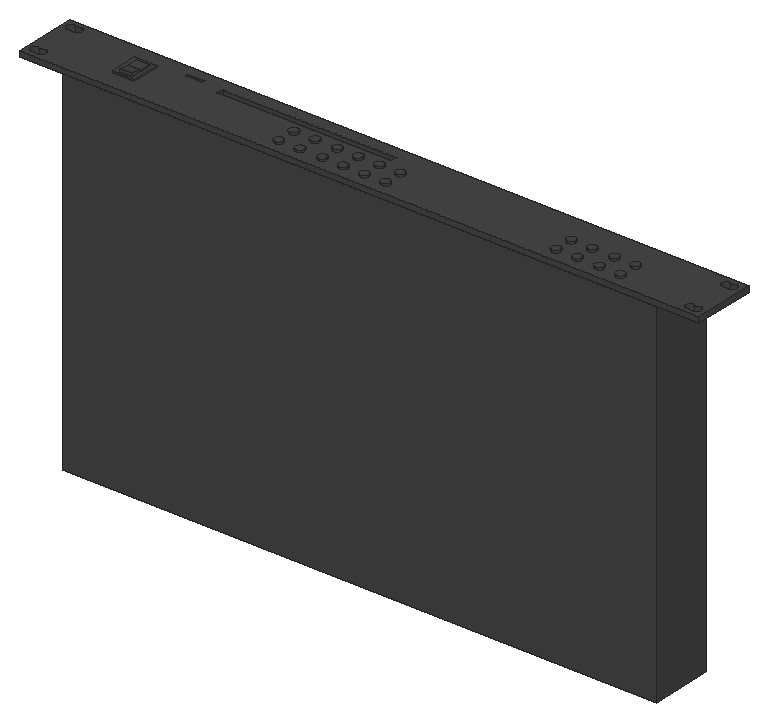
Revit family "Digital_Media-Honeywell-Audio_Player-X-MAP04", category Electrical Equipment, host Face, Revit 2017
Family settings
  Host = Face
  Round Connector Dimension = Use Diameter
  Part Type = Equipment Switch
  OmniClass Number = 23.85.50.00
  OmniClass Title = Communication Systems
  Cut with Voids When Loaded = No
  Shared = No
  Room Calculation Point = No
Parameters (values of type "Audio Player - X-MAP04")
  Width = 482 mm  # constant formula
  Weight = 3.79999 kgf  # constant formula
  Watts = 13 W
  Wattage = "13 W"  # constant formula
  Voltage = "230 V"  # constant formula
  Version = "2017 - v1.0a"  # constant formula
  Utility = no
  Rated Voltage = "230 V AC"  # constant formula
  Power Factor = 1
  Power Consumption = "13 W"  # constant formula
  Outputs = "1 x Cinch for FM/AM-Tuner, 1 x Cinch for DVD/USB/SD, 1 x Cinch for mixed signals"  # constant formula
  Number of Poles = 1
  Manufacturer Phone Number = "02131/40615-600"  # constant formula
  Manufacturer Fax Number = "02131/40615-606"  # constant formula
  Manufacturer Email = "mailto:info@esser-systems.com"
  Manufacturer Address = "Dieselstr. 2 41469 Neuss Germany"  # constant formula
  Load Sub-Classification = no
  Inputs = "FM 75 Ω, USB-Port, SD-Port"  # constant formula
  Frequency = 47 Hz
  Finish = Metal - Honeywell - Stainless Steel - Black
  URL = "www.esser-systems.com"
  Support Phone = "(224) 699-9545"  # constant formula
  Support Email = "mailto:support@anguleris.com"
  Product Page URL = "https://www.esser-systems.com/en/products/details/variodyn-d1/additional-components-audio-devices/x-map04-dvdcdmp3fmam-audio-player/"
  Product Name = "Audio Player"  # constant formula
  Product Documentation Link = "https://www.esser-systems.com/en/products/details/variodyn-d1/additional-components-audio-devices/x-map04-dvdcdmp3fmam-audio-player/download/productdatasheet/3000146"
  Model = "X-MAP04"  # constant formula
  Material = ""
  Manufacturer = "Honeywell International"  # constant formula
  Keynote = ""
  Height = 44 mm  # constant formula
  Description = "DVD/CD/MP3/FM/AM audio player"  # constant formula
  Depth = 252 mm  # constant formula
  Default Elevation = 1219.2 mm
  Copyright = "© Copyright 2005-2019 Honeywell International Inc. All rights reserved."  # constant formula
  Assembly Code = ""
  Apparent Load = 0 VA
Reference planes
  plane 1 "Center (Front/Back)": y = 317.025
  plane 2: z = 0
  plane 3 "Center (Left/Right)": x = 0
  plane 4: y = -880.175
  plane 5: x = -241
  plane 6: x = 241
  plane 7: y = 339.025
  plane 8: y = 295.025
  plane 9 "Back": z = -252
  plane 10: z = 10.875
  plane 11: x = -158.75
Forms (mm)
  Extrusion 1, void
    sketch origin (0, 0, 0) x (1, 0, 0) y (0, 1, 0)
      loop
        line (-241, 339.025) -> (-241, 295.025) -> (241, 295.025) -> (241, 339.025) -> (-241, 339.025)
    from -252 to 10.875
  Extrusion 2, solid, material "Metal - Honeywell - Stainless Steel - Black" <- "Finish"
    sketch origin (0, 0, 0) x (1, 0, 0) y (0, 1, 0)
      loop
        line (241, 295.025) -> (241, 339.025) -> (-241, 339.025) -> (-241, 295.025) -> (241, 295.025)
      loop
        arc (-235.25, 336.051) -> (-238.398, 332.904) -> (-235.25, 329.756) r 3.148
        line (-235.25, 329.756) -> (-230.408, 329.756)
        arc (-230.408, 329.756) -> (-227.26, 332.904) -> (-230.408, 336.051) r 3.148
        line (-230.408, 336.051) -> (-235.25, 336.051)
      loop
        line (-235.25, 297.999) -> (-230.408, 297.999)
        arc (-230.408, 297.999) -> (-227.26, 301.147) -> (-230.408, 304.295) r 3.148
        line (-230.408, 304.295) -> (-235.25, 304.295)
        arc (-235.25, 304.295) -> (-238.398, 301.147) -> (-235.25, 297.999) r 3.148
      loop
        line (235.25, 336.051) -> (230.408, 336.051)
        arc (230.408, 336.051) -> (227.26, 332.904) -> (230.408, 329.756) r 3.148
        line (230.408, 329.756) -> (235.25, 329.756)
        arc (235.25, 329.756) -> (238.398, 332.904) -> (235.25, 336.051) r 3.148
      loop
        arc (235.25, 297.999) -> (238.398, 301.147) -> (235.25, 304.295) r 3.148
        line (235.25, 304.295) -> (230.408, 304.295)
        arc (230.408, 304.295) -> (227.26, 301.147) -> (230.408, 297.999) r 3.148
        line (230.408, 297.999) -> (235.25, 297.999)
      loop
        line (-151.342, 332.096) -> (-151.342, 329.953) -> (-139.742, 329.953) -> (-139.742, 332.096) -> (-151.342, 332.096)
      loop
        line (-125.926, 330.974) -> (-125.926, 325.974) -> (-2.327, 325.974) -> (-2.327, 330.974) -> (-125.926, 330.974)
    from 0 to 4
  Extrusion 3, solid, material "Metal - Honeywell - Stainless Steel - Black"
    sketch origin (0, 0, 0) x (1, 0, 0) y (0, 1, 0)
      loop
        line (-210.879, 339.025) -> (-210.879, 295.025) -> (211, 295.025) -> (211, 339.025) -> (-210.879, 339.025)
    from 0 to -252
  Extrusion 4, solid, material "Plastic -Honeywell - Black"
    sketch origin (0, 0, 0) x (1, 0, 0) y (0, 1, 0)
      loop
        circle (-65.06, 304.558) r 3.112
      loop
        circle (-50.06, 304.558) r 3.112
      loop
        circle (-34.252, 304.558) r 3.112
      loop
        circle (-19.252, 304.558) r 3.112
      loop
        circle (-4.252, 304.558) r 3.112
      loop
        circle (10.748, 304.558) r 3.112
      loop
        circle (-65.06, 317.906) r 3.112
      loop
        circle (-50.06, 317.906) r 3.112
      loop
        circle (-34.252, 317.906) r 3.112
      loop
        circle (-19.252, 317.906) r 3.112
      loop
        circle (-4.252, 317.906) r 3.112
      loop
        circle (10.748, 317.906) r 3.112
      loop
        circle (131.882, 304.558) r 3.112
      loop
        circle (146.882, 304.558) r 3.112
      loop
        circle (162.69, 304.558) r 3.112
      loop
        circle (177.69, 304.558) r 3.112
      loop
        circle (131.882, 317.906) r 3.112
      loop
        circle (146.882, 317.906) r 3.112
      loop
        circle (162.69, 317.906) r 3.112
      loop
        circle (177.69, 317.906) r 3.112
      loop
        line (-185.478, 327.742) -> (-185.478, 307.742) -> (-170.478, 307.742) -> (-170.478, 327.742) -> (-185.478, 327.742)
    from 0 to 4.903
  Extrusion 5, solid, material "Plastic -Honeywell - Black"
    sketch origin (0, 0, 0) x (0, 1, 0) y (0, 0, 1)
      loop
        line (325.311, 3.306) -> (325.311, 5.542) -> (317.707, 5.542) -> (309.631, 6.966) -> (309.631, 3.306) -> (325.311, 3.306)
    from -182.144 to -173.485
Lines and regions (mm)
  Masking region 1
    outline origin (0, 317.025, 0) x (1, 0, 0) y (0, 0, 1)
      loop
        line (-241, -252) -> (241, -252) -> (241, 4) -> (-241, 4) -> (-241, -252)
  Split face 1
    outline origin (-241, 339.025, 0) x (1, 0, 0) y (0, 0, -1)
      loop
        line (419.212, -4) -> (419.212, 0)
  Split face 2
    outline origin (241, 295.025, 0) x (-1, 0, 0) y (0, 0, -1)
      loop
        line (62.911, -4) -> (62.911, 0)
  Split face 3
    outline origin (-31.444, -7.006, 4) x (1, 0, 0) y (0, 1, 0)
      loop
        line (79.045, 325.217) -> (79.045, 310.217) -> (145.584, 310.217) -> (145.584, 325.217) -> (79.045, 325.217)
  Split face 4
    outline origin (-227.873, -0.431, 4) x (1, 0, 0) y (0, 1, 0)
      loop
        line (79.045, 319.257) -> (79.045, 304.257) -> (145.413, 304.257) -> (145.413, 319.257) -> (79.045, 319.257)
  Split face 5
    outline origin (0, -0.312, 4) x (1, 0, 0) y (0, 1, 0)
      loop
        line (-152.051, 335.093) -> (-152.051, 333.689) -> (-153.676, 333.689) -> (-153.676, 329.756) -> (-152.051, 329.756) -> (-152.051, 327.779) -> (-139.195, 327.779) -> (-139.195, 329.756) -> (-137.939, 329.756) -> (-137.939, 333.689) -> (-139.195, 333.689) -> (-139.195, 335.093) -> (-152.051, 335.093)
Dimensions and locks
  "Default Elevation": plane 4 to plane 7
  plane 10 to Masking region 1 = 6.875 mm
  "Depth": level to plane 9 "Back"
  "Height": plane 8 to plane 7
  equal spacing: plane 5, plane 3 "Center (Left/Right)", plane 6
  "Width": plane 5 to plane 6
  equal spacing: plane 8, plane 1 "Center (Front/Back)", plane 7
  locked: plane 10 to level at 10.875
  locked: plane 5 to Extrusion 3 sketch curve at 30.121
  locked: Extrusion 3 sketch curve to plane 6 at 30
  locked: Extrusion 2 to level at 4
  Extrusion 2 sketch curve to Extrusion 2 sketch curve to Extrusion 2 sketch curve to Extrusion 2 sketch curve to plane 3 "Center (Left/Right)" to Extrusion 2 sketch curve to Extrusion 2 sketch curve to Extrusion 2 sketch curve to Extrusion 2 sketch curve = 0 mm locked, 11.139 mm locked, 0 mm locked, 227.26 mm locked, 227.26 mm, 0 mm locked, 11.139 mm locked, 0 mm locked
  Extrusion 2 sketch curve to Extrusion 2 sketch curve to Extrusion 2 sketch curve to Extrusion 2 sketch curve to plane 1 "Center (Front/Back)" to Extrusion 2 sketch curve to Extrusion 2 sketch curve to Extrusion 2 sketch curve to Extrusion 2 sketch curve = 0 mm locked, 6.296 mm locked, 0 mm locked, 12.73 mm, 12.73 mm, 0 mm locked, 6.296 mm locked, 0 mm locked
  locked: Extrusion 4 to level at 4.903  (x3)
  locked: host sketch curve to plane 3 "Center (Left/Right)" at 1219.2  (x12)
  locked: host sketch curve to plane 1 "Center (Front/Back)" at 1536.225  (x6)
  locked: host sketch curve to plane 1 "Center (Front/Back)" at 902.175  (x6)
  locked: Extrusion 1 sketch curve to plane 3 "Center (Left/Right)" at 241  (x12)
  locked: Extrusion 1 sketch curve to plane 1 "Center (Front/Back)" at 22  (x12)
  locked: Extrusion 3 to plane 3 "Center (Left/Right)" at 210.879  (x2)
  locked: Extrusion 3 to plane 3 "Center (Left/Right)" at 211  (x2)
  locked: Extrusion 3 sketch curve to plane 3 "Center (Left/Right)" at 211  (x6)
  locked: Extrusion 3 sketch curve to plane 3 "Center (Left/Right)" at 210.879  (x6)
  locked: Extrusion 3 to plane 1 "Center (Front/Back)" at 22  (x4)
  locked: Extrusion 3 sketch curve to plane 1 "Center (Front/Back)" at 22  (x12)
  locked: Extrusion 3 to level at 252  (x2)
  locked: Extrusion 4 to plane 3 "Center (Left/Right)" at 185.478  (x2)
  locked: Extrusion 4 to plane 3 "Center (Left/Right)" at 170.478  (x2)
  Extrusion 4 sketch curve to plane 3 "Center (Left/Right)" = 61.949 mm  (x2)
  locked: Extrusion 4 sketch curve to plane 3 "Center (Left/Right)" at 61.949  (x2)
  Extrusion 4 sketch curve to plane 3 "Center (Left/Right)" = 46.949 mm  (x2)
  locked: Extrusion 4 sketch curve to plane 3 "Center (Left/Right)" at 46.949  (x2)
  Extrusion 4 sketch curve to plane 3 "Center (Left/Right)" = 31.141 mm  (x2)
  locked: Extrusion 4 sketch curve to plane 3 "Center (Left/Right)" at 31.141  (x2)
  Extrusion 4 sketch curve to plane 3 "Center (Left/Right)" = 16.141 mm  (x2)
  locked: Extrusion 4 sketch curve to plane 3 "Center (Left/Right)" at 16.141  (x2)
  Extrusion 4 sketch curve to plane 3 "Center (Left/Right)" = 1.141 mm  (x2)
  locked: Extrusion 4 sketch curve to plane 3 "Center (Left/Right)" at 1.141  (x2)
  Extrusion 4 sketch curve to plane 3 "Center (Left/Right)" = 7.636 mm  (x2)
  locked: Extrusion 4 sketch curve to plane 3 "Center (Left/Right)" at 7.636  (x2)
  Extrusion 4 sketch curve to plane 3 "Center (Left/Right)" = 128.77 mm  (x2)
  locked: Extrusion 4 sketch curve to plane 3 "Center (Left/Right)" at 128.77  (x2)
  Extrusion 4 sketch curve to plane 3 "Center (Left/Right)" = 143.77 mm  (x2)
  locked: Extrusion 4 sketch curve to plane 3 "Center (Left/Right)" at 143.77  (x2)
  Extrusion 4 sketch curve to plane 3 "Center (Left/Right)" = 159.578 mm  (x2)
  locked: Extrusion 4 sketch curve to plane 3 "Center (Left/Right)" at 159.578  (x2)
  Extrusion 4 sketch curve to plane 3 "Center (Left/Right)" = 174.578 mm  (x2)
  locked: Extrusion 4 sketch curve to plane 3 "Center (Left/Right)" at 174.578  (x2)
  locked: Extrusion 4 sketch curve to plane 3 "Center (Left/Right)" at 170.478  (x6)
  locked: Extrusion 4 sketch curve to plane 3 "Center (Left/Right)" at 185.478  (x6)
  locked: Extrusion 4 to plane 1 "Center (Front/Back)" at 10.717  (x2)
  locked: Extrusion 4 to plane 1 "Center (Front/Back)" at 9.283  (x2)
  Extrusion 4 sketch curve to plane 1 "Center (Front/Back)" = 9.355 mm  (x10)
  locked: Extrusion 4 sketch curve to plane 1 "Center (Front/Back)" at 9.355  (x10)
  plane 1 "Center (Front/Back)" to Extrusion 4 sketch curve = 2.231 mm  (x10)
  locked: plane 1 "Center (Front/Back)" to Extrusion 4 sketch curve at 2.231  (x10)
  locked: Extrusion 4 sketch curve to plane 1 "Center (Front/Back)" at 9.283  (x6)
  locked: Extrusion 4 sketch curve to plane 1 "Center (Front/Back)" at 10.717  (x6)
  locked: Extrusion 5 to plane 3 "Center (Left/Right)" at 173.485  (x2)
  locked: Extrusion 5 to plane 3 "Center (Left/Right)" at 182.144  (x2)
  locked: Extrusion 5 to plane 1 "Center (Front/Back)" at 7.395  (x2)
  locked: Extrusion 5 to plane 1 "Center (Front/Back)" at 8.286  (x2)
  locked: Extrusion 5 sketch curve to plane 1 "Center (Front/Back)" at 7.395  (x6)
  locked: Extrusion 5 sketch curve to plane 1 "Center (Front/Back)" at 8.286  (x6)
  locked: Extrusion 5 to level at 5.542  (x2)
  locked: Extrusion 5 to level at 3.306  (x2)
  locked: Extrusion 5 sketch curve to level at 5.542  (x6)
  locked: Extrusion 5 sketch curve to level at 3.306  (x6)
  aligned and locked: plane 2 to host face
  aligned and locked: Masking region 1 sketch curve to plane 9 "Back"
  aligned and locked: plane 6 to Masking region 1
  aligned and locked: Masking region 1 to plane 5
  aligned and locked: Extrusion 1 to plane 9 "Back"
  aligned and locked: plane 10 to Extrusion 1
  aligned and locked: plane 7 to Extrusion 3 sketch curve
  aligned and locked: Extrusion 3 sketch curve to plane 8
  aligned and locked: Extrusion 3 to plane 9 "Back"
  aligned and locked: level to Extrusion 3
  aligned and locked: Masking region 1 to Extrusion 2
  aligned and locked: Extrusion 4 to level
Automatic sketch dimensions
  Masking region 1 sketch curve to plane 10 = 6.875 mm
  Masking region 1 sketch curve to plane 11 = 82.25 mm
  Masking region 1 sketch curve to plane 6 = 0 mm
  Split face 1 sketch curve to Extrusion 2 = 0 mm  (x2)
  Split face 1 sketch curve to Extrusion 2 = 62.788 mm
  Split face 2 sketch curve to Extrusion 2 = 0 mm  (x2)
  Split face 2 sketch curve to Extrusion 2 = 62.911 mm
  Extrusion 2 sketch curve to plane 5 = 0 mm
  Extrusion 2 sketch curve to plane 6 = 0 mm
  Extrusion 2 sketch curve to plane 8 = 0 mm
  Extrusion 2 sketch curve to plane 7 = 0 mm
  Extrusion 2 to Split face 4 sketch curve = 0.469 mm
  Split face 4 sketch curve to Extrusion 2 = 92.172 mm
  Split face 4 sketch curve to Split face 4 sketch curve = 66.368 mm
  Split face 4 sketch curve to Extrusion 2 = 10.93 mm
  Extrusion 2 to Split face 3 sketch curve = 1.084 mm
  Split face 3 sketch curve to Extrusion 2 = 193.399 mm
  Split face 3 sketch curve to Split face 3 sketch curve = 66.539 mm
  Split face 3 sketch curve to Extrusion 2 = 11.545 mm
  Split face 5 sketch curve to Extrusion 2 = 0.313 mm  (x2)
  Split face 5 sketch curve to Extrusion 2 = 87.324 mm
  Split face 5 sketch curve to Split face 5 sketch curve = 1.625 mm  (x2)
  Split face 5 sketch curve to Extrusion 2 = 2.289 mm
  Split face 5 sketch curve to Split face 5 sketch curve = 12.855 mm
  Extrusion 2 to Split face 5 sketch curve = 1.271 mm
  Split face 5 sketch curve to Split face 5 sketch curve = 0 mm
  Split face 5 sketch curve to Split face 5 sketch curve = 1.256 mm
  Split face 5 sketch curve to Split face 5 sketch curve = 1.404 mm  (x2)
  Extrusion 4 sketch curve to plane 1 "Center (Front/Back)" = 0.881 mm  (x10)
  Extrusion 4 sketch curve to Extrusion 4 sketch curve = 0 mm  (x8)
  Extrusion 5 sketch curve to plane 1 "Center (Front/Back)" = 0.682 mm
  Extrusion 5 sketch curve to plane 10 = 3.909 mm
  plane 11 to Extrusion 2 sketch curve = 7.408 mm
  Extrusion 2 sketch curve to Extrusion 2 sketch curve = 11.599 mm
  plane 7 to Extrusion 2 sketch curve = 9.072 mm
  Extrusion 2 sketch curve to Extrusion 2 sketch curve = 2.143 mm
  Extrusion 2 sketch curve to Extrusion 2 sketch curve = 13.816 mm
  Extrusion 2 sketch curve to plane 3 "Center (Left/Right)" = 2.327 mm
  Extrusion 2 sketch curve to plane 1 "Center (Front/Back)" = 8.949 mm
  Extrusion 2 sketch curve to Extrusion 2 sketch curve = 5 mm
  radius of Extrusion 4 sketch curve = 3.112 mm  (x2)
Connectors
  electrical at (-30, 320, -252), driven by "Power Factor", driven by "Number of Poles", driven by "Apparent Load"
    settings: index 1, voltage 36 V, apparent load 0 VA, apparent load phase1 0 VA, apparent load phase2 0 VA, apparent load phase3 0 VA, power factor 1, load classification "Other", number of poles 1, system type 31, power factor state 1, is connector primary yes, connector utility no, sub classification motor no, connector description "Electrical Connector"
